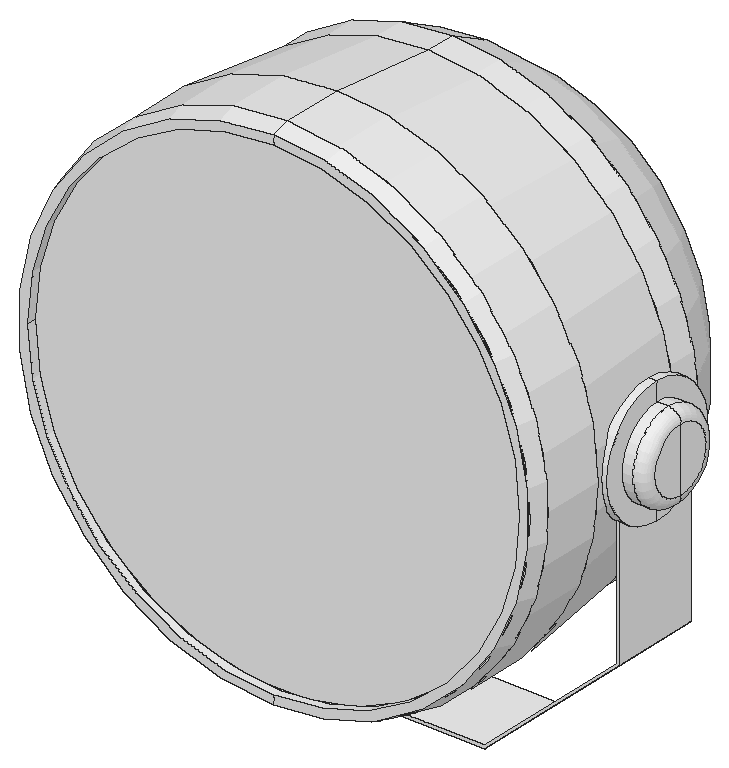
Revit family "Lighting-Accent-Acclaim-Dyna Drum SO RGBW RGBA", category Lighting Fixtures, host Face, Revit 2014
Parameters
  Width = 1' - 0 1/2"
  Wattage = 9.2903 W
  built-in parameter 1150110 = 1 (stored number, unit not read)
  Voltage = 0 V
  URL = "http://www.acclaimlighting.com/"
  built-in parameter 1114217 = 1 (stored number, unit not read)
  Tilt Angle = -90.00°
  built-in parameter 1150109 = 1 (stored number, unit not read)
  built-in parameter 1150134 = 3
  built-in parameter 1150113 = 1 (stored number, unit not read)
  Power Factor = 1
  Photometric Web File = "generic"
  Number of Poles = 1
  built-in parameter 1150142 = (empty or 0)
  Model = "Dyna Drum SO RGBW RGBA"
  Manufacturer = "Acclaim Lighting"
  built-in parameter 1150105 = 109.82 (stored number, unit not read)
  Lumens = 1380 lm
  built-in parameter 1150115 = 1 (stored number, unit not read)
  built-in parameter 1150137 = (empty or 0)
  built-in parameter 1150139 = (empty or 0)
  built-in parameter 1150112 = 1 (stored number, unit not read)
  built-in parameter 1150114 = 1 (stored number, unit not read)
  Lamp = "LED"
  built-in parameter 1150132 = (empty or 0)
  built-in parameter 1150102 = (empty or 0)
  built-in parameter 1150107 = 3200 (stored number, unit not read)
  built-in parameter 1150138 = (empty or 0)
  built-in parameter 1150106 = 1.0982 (stored number, unit not read)
  Housing Finish = Aluminum
  Emit from Circle Diameter = 0' - 10"
  Emit Shape Visible in Rendering = no
  built-in parameter 1150104 = 13.8 (stored number, unit not read)
  Dimming Lamp Color Temperature Shift = <None>
  Description = "Accent Fixture"
  Default Elevation = 4' - 0"
  Color Filter = 16777215
  built-in parameter 1114218 = 1 (stored number, unit not read)
  built-in parameter 1150133 = 10 (stored number, unit not read)
  Apparent Load = 0 VA
Reference planes (in)
  plane 1 "Center (Front/Back)": y = 0
  plane 2: z = 0
  plane 3 "Center (Left/Right)": x = 0
  plane 4: x = 0
  plane 5: z = 6.45
  plane 6: z = 12.5
  plane 7: x = -6.25
  plane 8: x = 6.25
Forms (in)
  Revolve 1, solid, material "Aluminum" <- "Housing Finish"
    sketch origin (0, 0, -2.75) x (0, 1, 0) y (0, 0, 1)
      loop
        line (-3.25, 14.766) -> (-3.25, 9.2) -> (4.5, 9.2) -> (4.5, 11.68248)
        arc (4.5, 11.68248) -> (3.35715, 13.42253) -> (1.6171, 14.56538) r 5.13155
        line (1.6171, 14.56538) -> (0.97615, 14.56538) -> (-1.50521, 14.87005) -> (-2.86168, 14.87005) -> (-3.25, 14.766)
      axis (-3.25, 9.2) -> (4.5, 9.2)
    angle from 0 to 360
  Revolve 2, solid, material "Aluminum" <- "Housing Finish"
    sketch origin (0, 0, 0) x (1, 0, 0) y (0, 0, 1)
      loop
        line (6.26337, 6.43659) -> (6.26337, 7.13224)
        arc (6.26337, 7.13224) -> (6.18556, 7.32009) -> (5.99771, 7.3979) r 0.26565
        line (5.99771, 7.3979) -> (5.74771, 7.3979) -> (5.74771, 7.7996) -> (5.56494, 7.7996) -> (5.56494, 6.43659) -> (6.26337, 6.43659)
      axis (5.56494, 6.43659) -> (6.26337, 6.43659)
    angle from 0 to 360
  Extrusion 3, solid, material "Aluminum" <- "Housing Finish"
    sketch origin (0, 0, 0) x (1, 0, 0) y (0, 0, 1)
      loop
        line (-5.71032, 5.5923) -> (-5.71032, 2.6548) -> (-2.7664, 0) -> (0, 0) -> (2.7664, 0) -> (5.71032, 2.6548) -> (5.71032, 5.5923) -> (5.64782, 5.5923) -> (5.64782, 2.66865) -> (2.75784, 0.0625) -> (0, 0.0625) -> (-2.75784, 0.0625) -> (-5.64782, 2.66865) -> (-5.64782, 5.5923) -> (-5.71032, 5.5923)
    from -0.97615 to 0.95624
  Revolve 4, solid, material "Aluminum" <- "Housing Finish"
    sketch origin (0, 0, 0) x (-1, 0, 0) y (0, 0, 1)
      loop
        line (6.26337, 6.43659) -> (6.26337, 7.13224)
        arc (6.26337, 7.13224) -> (6.18556, 7.32009) -> (5.99771, 7.3979) r 0.26565
        line (5.99771, 7.3979) -> (5.74771, 7.3979) -> (5.74771, 7.7996) -> (5.56494, 7.7996) -> (5.56494, 6.43659) -> (6.26337, 6.43659)
      axis (5.56494, 6.43659) -> (6.26337, 6.43659)
    angle from 0 to 360
  Extrusion 5, void
    sketch origin (0, 0, 0) x (1, 0, 0) y (0, 0, 1)
      loop
        circle (0, 6.45) r 5.36538
    from 3.06035 to 3.25
Cuts and joins
  Extrusion 5 cuts Revolve 1
Dimensions and locks (in)
  equal spacing: plane 8, plane 3 "Center (Left/Right)", plane 7
  "Width": plane 8 to plane 7
  aligned and locked: plane 2 to host face
  aligned and locked: level to host face
  aligned and locked: imposter light to Extrusion 5
Automatic sketch dimensions
  host sketch curve to host sketch curve = 8' - 0"  (x2)
  Revolve 1 sketch curve to plane 5 = 0' - 0"  (x2)
  Revolve 1 sketch curve to plane 6 = 0' - 0.484"
  plane 1 "Center (Front/Back)" to Revolve 1 sketch curve = 0' - 3 1/4"
  Revolve 1 sketch curve to plane 6 = 0' - 0.37995"
  Revolve 1 sketch curve to Revolve 1 sketch curve = 0' - 0.38832"
  Revolve 1 sketch curve to Revolve 1 sketch curve = 0' - 1.35647"
  plane 1 "Center (Front/Back)" to Revolve 1 sketch curve = 0' - 0.27141"
  Revolve 1 sketch curve to plane 1 "Center (Front/Back)" = 0' - 0.97615"
  Revolve 1 sketch curve to Revolve 1 sketch curve = 0' - 0.64095"
  Revolve 1 sketch curve to plane 1 "Center (Front/Back)" = 0' - 4 1/2"
  plane 5 to Revolve 1 sketch curve = 0' - 0.59397"
  Revolve 1 sketch curve to Revolve 1 sketch curve = 0' - 2.48248"
  Revolve 1 sketch curve to Revolve 1 sketch curve = 0' - 0"
  Revolve 1 sketch curve to Revolve 1 sketch curve = 0' - 4"
  plane 5 to Revolve 2 sketch curve = 0' - 1.3496"
  plane 3 "Center (Left/Right)" to Revolve 2 sketch curve = 0' - 5.56494"
  Revolve 2 sketch curve to Revolve 2 sketch curve = 0' - 0.18277"
  Revolve 2 sketch curve to Revolve 2 sketch curve = 0' - 0 1/4"
  Revolve 2 sketch curve to plane 5 = 0' - 0.01341"  (x2)
  Revolve 2 sketch curve to Revolve 2 sketch curve = 0' - 0.69842"
  plane 5 to Revolve 2 sketch curve = 0' - 0.68224"
  Revolve 2 sketch curve to Revolve 2 sketch curve = 0' - 0"
  Revolve 2 sketch curve to Revolve 2 sketch curve = 0' - 1.14997"
  Extrusion 3 sketch curve to level = 0' - 0"
  Extrusion 3 sketch curve to plane 3 "Center (Left/Right)" = 0' - 0"  (x2)
  level to Extrusion 3 sketch curve = 0' - 0 1/16"
  Extrusion 3 sketch curve to Extrusion 3 sketch curve = 0' - 2.75784"
  Extrusion 3 sketch curve to Extrusion 3 sketch curve = 0' - 0.00856"  (x2)
  level to Extrusion 3 sketch curve = 0' - 2.66865"
  Extrusion 3 sketch curve to Extrusion 3 sketch curve = 0' - 2.88999"  (x2)
  Extrusion 3 sketch curve to Extrusion 3 sketch curve = 0' - 0 1/16"  (x2)
  plane 3 "Center (Left/Right)" to Extrusion 3 sketch curve = 0' - 2.75784"
  Extrusion 3 sketch curve to Extrusion 3 sketch curve = 0' - 0.01386"  (x2)
  level to Extrusion 3 sketch curve = 0' - 2.6548"
  Extrusion 3 sketch curve to plane 5 = 0' - 0.8577"  (x2)
  Revolve 4 sketch curve to plane 5 = 0' - 1.3496"
  plane 3 "Center (Left/Right)" to Revolve 4 sketch curve = 0' - 5.56494"
  Revolve 4 sketch curve to Revolve 4 sketch curve = 0' - 0.18277"
  Revolve 4 sketch curve to Revolve 4 sketch curve = 0' - 0 1/4"
  plane 5 to Revolve 4 sketch curve = 0' - 0.01341"  (x2)
  Revolve 4 sketch curve to Revolve 4 sketch curve = 0' - 0.69842"
  Revolve 4 sketch curve to plane 5 = 0' - 0.68224"
  Revolve 4 sketch curve to Revolve 4 sketch curve = 0' - 0"
  Revolve 4 sketch curve to Revolve 4 sketch curve = 0' - 1.14997"
  Extrusion 5 sketch curve to plane 3 "Center (Left/Right)" = 0' - 0"
  Extrusion 5 sketch curve to plane 5 = 0' - 0"
  radius of Extrusion 5 sketch curve = 0' - 5.36538"
